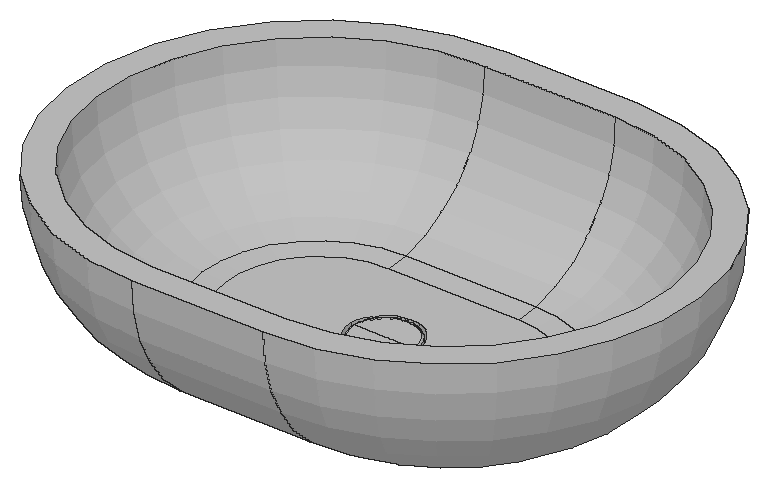
Revit family "Reece_Basin_Omvivo_Villa_Above Counter Basin_550 mm", category Plumbing Fixtures, host Face, Revit 2018
Family settings
  Host = Face
  Round Connector Dimension = Use Diameter
  Part Type = Normal
  Cut with Voids When Loaded = No
  Shared = Yes
  Room Calculation Point = Yes
Parameters (values of type "Cove Grey")
  WFU = 0  # constant formula
  URL = "https://www.reece.com.au/product/-1967641"
  Type Comments = "Basin"
  Reece_Product_Web Page = "https://www.reece.com.au/product/-1967641"
  Reece_Product_Type = "Basin"  # constant formula
  Reece_Product_Sub Brand = "Villa"  # constant formula
  Reece_Product_Number = "1967641"
  Reece_Product_Mount = "Above Counter"
  Reece_Product_Description = "Omvivo Villa Oval Above Counter Basin 550 Cove Grey"
  Reece_Product_Brand = "Omvivo"  # constant formula
  Reece_Overall_Width = 550 mm  # constant formula
  Reece_Overall_Length = 430 mm  # constant formula
  Reece_Overall_Height = 150 mm  # constant formula
  Reece_Overall_Capacity = 28.00 L  # constant formula
  Reece_Material-Main = Reece_Cast_Solid_Surface_Cove Grey
  Reece_Detail_Installation = "Above Counter"  # constant formula
  Reece_Detail_Disclaimer = "THIS FILE IS THE PROPERTY OF THE REECE GROUP. IT MAY NOT BE REPRODUCED, REVERSE-ENGINEERED OR MODIFIED. ANY REPUBLICATION, TRANSMISSION OR DISTRIBUTION FOR THE PURPOSE OF COMMERCIALLY EXPLOITING THE FILES IS PROHIBITED."  # constant formula
  Reece_Detail_Connector = "No Taphole"  # constant formula
  Reece_Detail_Additional = "No Overflow"  # constant formula
  Reece_Basin_Outlet = 40 mm  # constant formula
  Model = "Villa"
  Manufacturer = "Omvivo"
  Keynote = "Product #1967641, Reece_Basin_Omvivo_Villa_Above Counter Basin_550 mm - Cove Grey"
  HWFU = 0  # constant formula
  Disclaimer = "THIS FILE IS THE PROPERTY OF THE REECE GROUP. IT MAY NOT BE REPRODUCED, REVERSE-ENGINEERED OR MODIFIED. ANY REPUBLICATION, TRANSMISSION OR DISTRIBUTION FOR THE PURPOSE OF COMMERCIALLY EXPLOITING THE FILES IS PROHIBITED."  # constant formula
  Description = "Omvivo Villa Oval Above Counter Basin 550 Cove Grey"
  Default Elevation = 1000 mm
  CWFU = 0  # constant formula
Types (3, lengths in mm): name | URL | Reece_Product_Web Page | Reece_Product_Number | Reece_Product_Description | Reece_Material-Main | Keynote | Description
  (no name) | "https://www.reece.com.au/product/-1967637" | "https://www.reece.com.au/product/-1967637" | "1967637" | "Omvivo Villa Oval Above Counter Basin 550 White Haven" | Reece_Cast_Solid_Surface_White Haven | "Product #1967637, Reece_Basin_Omvivo_Villa_Above Counter Basin_550 mm -  " | "Omvivo Villa Oval Above Counter Basin 550 White Haven"
  White Haven | "https://www.reece.com.au/product/-1967637" | "https://www.reece.com.au/product/-1967637" | "1967637" | "Omvivo Villa Oval Above Counter Basin 550 White Haven" | Reece_Cast_Solid_Surface_White Haven | "Product #1967637, Reece_Basin_Omvivo_Villa_Above Counter Basin_550 mm - White Haven" | "Omvivo Villa Oval Above Counter Basin 550 White Haven"
  Cove Grey | "https://www.reece.com.au/product/-1967641" | "https://www.reece.com.au/product/-1967641" | "1967641" | "Omvivo Villa Oval Above Counter Basin 550 Cove Grey" | Reece_Cast_Solid_Surface_Cove Grey | "Product #1967641, Reece_Basin_Omvivo_Villa_Above Counter Basin_550 mm - Cove Grey" | "Omvivo Villa Oval Above Counter Basin 550 Cove Grey"
Reference planes
  plane 1 "Center (Front/Back)": y = -79.125
  plane 2 "Bottom": z = 0
  plane 3 "Center (Left/Right)": x = 0
  plane 4: x = 275
  plane 5: x = -275
  plane 6: y = 135.875
  plane 7: y = -294.125
  plane 8: x = 140
  plane 9: x = -140
  plane 10: z = -10
  plane 11: z = 150
Forms (mm)
  Sweep 1, solid, material "Reece_Cast_Solid_Surface_Cove Grey" <- "Reece_Material-Main"
    path origin (0.328, 0, 0) x (1, 0, 0) y (0, 1, 0)
      loop
        arc (-60.37, 135.875) -> (-275.37, -79.125) -> (-60.37, -294.125) r 215
        line (-60.37, -294.125) -> (59.672, -294.125)
        arc (59.672, -294.125) -> (274.672, -79.125) -> (59.672, 135.875) r 215
        line (59.672, 135.875) -> (-60.37, 135.875)
    profile origin (-0.021, 135.875, 0) x (0, 1, 0) y (0, 0, 1)
      loop
        line (-154.133, 0) -> (-135.076, 0) -> (-128.803, 6.273)
        arc (-128.803, 6.273) -> (-36.232, 52.892) -> (0, 150) r 142
        line (0, 150) -> (-25.29, 150)
        arc (-25.29, 150) -> (-48.426, 74.671) -> (-115.299, 32.987) r 112.532
        arc (-115.299, 32.987) -> (-125.168, 31.498) -> (-135.136, 31) r 100
        line (-135.136, 31) -> (-154.133, 31) -> (-154.133, 0)
  Extrusion 2, solid, material "Reece_Cast_Solid_Surface_Cove Grey" <- "Reece_Material-Main"
    sketch origin (0, 0, 0) x (1, 0, 0) y (0, 1, 0)
      loop
        line (-60.042, -139.991) -> (60, -139.991)
        arc (60, -139.991) -> (120.866, -79.125) -> (60, -18.258) r 60.867
        line (60, -18.258) -> (-60.042, -18.258)
        arc (-60.042, -18.258) -> (-120.909, -79.125) -> (-60.042, -139.991) r 60.867
    from 12.304 to 31
  Extrusion 3, void
    sketch origin (0, 0, 0) x (1, 0, 0) y (0, 1, 0)
      loop
        circle (0, -79.125) r 62.7
    from -22.699 to 19.384
  Revolve 4, solid, material "Reece_Cast_Solid_Surface_Cove Grey" <- "Reece_Material-Main"
    sketch origin (0, -79.125, 35.532) x (1, 0, 0) y (0, 0, 1)
      loop
        line (0, -45.532) -> (0, -4.532) -> (-27.095, -4.532)
        arc (-27.095, -4.532) -> (-28.061, -4.932) -> (-28.461, -5.898) r 1.366
        line (-28.461, -5.898) -> (-28.461, -10.484) -> (-21.731, -10.484) -> (-18.461, -16.148) -> (-18.461, -45.532) -> (0, -45.532)
      axis (0, -45.532) -> (0, -4.532)
    angle from 0 to 360
  Revolve 5, solid
    sketch origin (0, -79.125, 0) x (1, 0, 0) y (0, 0, 1)
      loop
        line (-20, 0) -> (-53, 0) -> (-53, -10) -> (-20, -10) -> (-20, 0)
      axis (0, 0) -> (0, -10)
    angle from 0 to 360
  Extrusion 6, void
    sketch origin (0, 0, 0) x (1, 0, 0) y (0, 1, 0)
      loop
        circle (0, -79.125) r 30.98
    from -3.442 to 52.351
  Extrusion 7, void
    sketch origin (0, 0, 0) x (1, 0, 0) y (0, 1, 0)
      loop
        circle (0, -79.125) r 62.5
    from -75.834 to 103.467
Cuts and joins
  Extrusion 6 cuts Sweep 1
  Extrusion 6 cuts Extrusion 2
  joined: Sweep 1, Extrusion 2
Text (mm)
  text "Reece Copyright © 2018, Reece Ltd." at (-902.343, -740.328, 0), in view "Ref. Level"
  text "Reece ©" at (44.384, 258.95, 192.345), in view "Reece Preview"
Dimensions and locks
  equal spacing: plane 5, plane 3 "Center (Left/Right)", plane 4
  equal spacing: plane 6, plane 1 "Center (Front/Back)", plane 7
  "Reece_Overall_Length": plane 6 to plane 7
  plane 5 to cut or joined group of Sweep 1, Extrusion 2, Extrusion 6 = 25.248 mm
  plane 5 to plane 3 "Center (Left/Right)" = 275 mm
  plane 7 to plane 1 "Center (Front/Back)" = 215 mm
  "Reece_Overall_Width": plane 5 to plane 4
  "Reece_Overall_Width": plane 5 to cut or joined group of Sweep 1, Extrusion 2, Extrusion 6
  plane 9 to plane 8 = 280 mm
  Revolve 5 to Revolve 5 = 106 mm
  cut or joined group of Sweep 1, Extrusion 2, Extrusion 6 to plane 10 = 160 mm
  "Reece_Overall_Height": plane 11 to plane 2 "Bottom"  (x2)
  "Reece_Overall_Length": cut or joined group of Sweep 1, Extrusion 2, Extrusion 6 to plane 7
  plane 11 to plane 10 = 160 mm
Automatic sketch dimensions
  host sketch curve to host sketch curve = 801.051 mm
  host sketch curve to host sketch curve = 660.299 mm
  plane 1 "Center (Front/Back)" to Extrusion 3 sketch curve = 0 mm
  Extrusion 3 sketch curve to plane 3 "Center (Left/Right)" = 0 mm
  Sweep 1 sketch curve to level = 0 mm
  Sweep 1 sketch curve to profile plane = 0 mm
  profile plane to Sweep 1 sketch curve = 25.29 mm
  level to Sweep 1 sketch curve = 6.273 mm
  profile plane to Sweep 1 sketch curve = 128.803 mm
  Sweep 1 sketch curve to Sweep 1 sketch curve = 6.273 mm
  Sweep 1 sketch curve to Sweep 1 sketch curve = 6.333 mm
  Sweep 1 sketch curve to Sweep 1 sketch curve = 2.486 mm
  Sweep 1 sketch curve to Sweep 1 sketch curve = 4.359 mm
  Sweep 1 sketch curve to Sweep 1 sketch curve = 19.057 mm
  Sweep 1 sketch curve to Sweep 1 sketch curve = 31 mm
  Sweep 1 sketch curve to Sweep 1 sketch curve = 100 mm
  Sweep 1 sketch curve to Sweep 1 sketch curve = 12.283 mm
  Sweep 1 sketch curve to Sweep 1 sketch curve = 4.377 mm
  Sweep 1 sketch curve to plane 6 = 0 mm
  plane 7 to Sweep 1 sketch curve = 0 mm
  Sweep 1 sketch curve to plane 3 "Center (Left/Right)" = 60.042 mm
  plane 3 "Center (Left/Right)" to Sweep 1 sketch curve = 60 mm
  Extrusion 2 sketch curve to plane 3 "Center (Left/Right)" = 60.042 mm
  Extrusion 2 sketch curve to plane 1 "Center (Front/Back)" = 60.867 mm
  plane 3 "Center (Left/Right)" to Extrusion 2 sketch curve = 60 mm
  plane 1 "Center (Front/Back)" to Extrusion 2 sketch curve = 0 mm
  plane 1 "Center (Front/Back)" to Extrusion 6 sketch curve = 0 mm
  Extrusion 6 sketch curve to plane 3 "Center (Left/Right)" = 0 mm
  Revolve 5 sketch curve to plane 10 = 0 mm
  Revolve 5 sketch curve to level = 0 mm  (x2)
  Revolve 5 sketch curve to plane 3 "Center (Left/Right)" = 0 mm
  Revolve 5 sketch curve to plane 3 "Center (Left/Right)" = 20 mm
  Revolve 5 sketch curve to Revolve 5 sketch curve = 33 mm
  plane 10 to Revolve 5 sketch curve = 3 mm
  Revolve 4 sketch curve to plane 10 = 0 mm
  Revolve 4 sketch curve to plane 3 "Center (Left/Right)" = 0 mm  (x2)
  Revolve 4 sketch curve to Revolve 4 sketch curve = 18.461 mm
  Revolve 4 sketch curve to Revolve 4 sketch curve = 3.27 mm
  Revolve 4 sketch curve to Revolve 4 sketch curve = 5.364 mm
  Revolve 4 sketch curve to Revolve 4 sketch curve = 1.366 mm
  level to Revolve 4 sketch curve = 19.384 mm
  Revolve 4 sketch curve to Revolve 4 sketch curve = 5.663 mm
  Revolve 4 sketch curve to Revolve 4 sketch curve = 4.586 mm
  Revolve 4 sketch curve to plane 10 = 4.633 mm
  Revolve 4 sketch curve to Revolve 4 sketch curve = 8.522 mm
  plane 1 "Center (Front/Back)" to Extrusion 7 sketch curve = 0 mm
  Extrusion 7 sketch curve to plane 3 "Center (Left/Right)" = 0 mm
  radius of Extrusion 3 sketch curve = 62.7 mm
  radius of Extrusion 6 sketch curve = 30.98 mm
  radius of Extrusion 7 sketch curve = 62.5 mm
Connectors
  piping at (0, -79.125, -10), diameter 40, driven by "Reece_Basin_Outlet"
    settings: on Revolve 5, index 1, connector inside diameter 609.6 mm, connector length 0 mm, flow factor 0, pipe flow 0.0 L/s, pressure drop 0.0 Pa, fitting loss kfactor 0, connector angle 0.00°, fixture units 0, engagement length 0 mm, angle of deflection 0.00°, flow configuration 0, flow direction 2, fitting loss method 0, system type 16, joint type 0, gender type 0, connector reference index -1, connector utility 0, adjustable connector no, is connector primary yes, connector description ""
